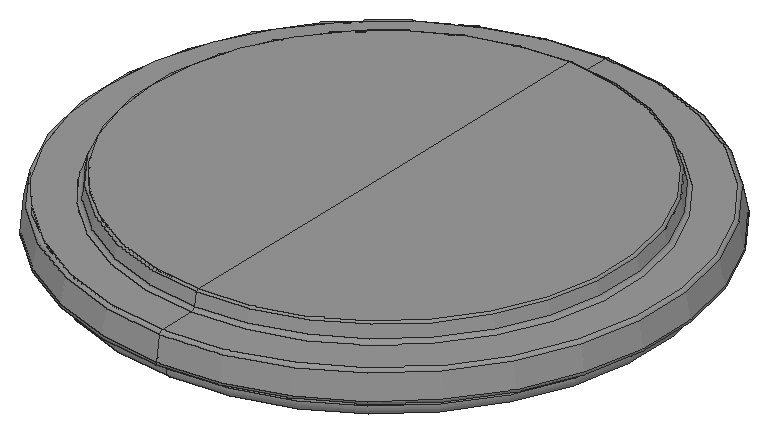
Revit family "FMK13_63_UN_Surface-mounted_ETK", category Lighting Fixtures, Revit 2017 (continued)
Definition of nested family "FMK.1 - Lightsource"
  Types (13, lengths in mm): name | Wattage Comments | Photometric Web File | built-in parameter 1150142 | Apparent Load
      405.3384\t405.5595\t405.017\t403.9123\t402.4111\t400.3595\t397.8451\t394.7084\t391.0909\t387.0552\r\n382.4227\t377.3501\t371.7125\t365.6289\t359.0797\t352.0101\t344.5153\t336.5336\t328.0834\t319.186\r\n310.0492\t300.3991\t290.6808\t280.0535\t269.1382\t257.6606\t245.9715\t234.0356\t221.994\t209.6474\r\n197.1639\t184.5242\t171.8904\t158.2648\t144.4077\t130.6839\t117.093\t103.3426\t89.5213\t76.4321\r\n62.9064\t50.3095\t38.9022\t28.6824\t0\t0\r\n405.3384\t405.5619\t405.0308\t404.1037\t402.4481\t400.3826\t397.8529\t394.7029\t391.0716\t386.9514\r\n382.295\t377.2986\t371.6562\t365.6032\t359.0556\t351.9937\t344.5103\t336.584\t328.1776\t319.3532\r\n310.0974\t300.3356\t290.3174\t279.8488\t269.1115\t258.1537\t246.5385\t234.5863\t222.1937\t209.6472\r\n196.9332\t184.0086\t170.9271\t157.807\t144.7993\t131.1715\t116.9912\t103.0076\t89.4388\t75.7848\r\n62.8691\t50.2334\t38.592\t27.1196\t0\t0\r\n405.3384\t405.5633\t405.0407\t404.1312\t402.6392\t400.4187\t397.881\t394.7292\t391.0895\t386.9644\r\n382.2746\t377.1648\t371.4996\t365.4693\t358.9878\t351.9131\t344.4464\t336.5353\t328.1318\t319.3478\r\n310.1011\t300.4485\t290.394\t279.9618\t269.1603\t257.9107\t246.3524\t234.5985\t222.4284\t210.1088\r\n197.3969\t184.1969\t170.8703\t157.4428\t143.9608\t130.43\t116.9468\t103.5478\t89.3098\t75.5778\r\n62.4619\t50.0702\t38.7502\t24.5387\t1.901\t0\r\n405.3384\t405.5636\t405.0466\t404.1492\t402.6681\t400.5955\t398.0664\t394.9307\t391.1454\t387.0248\r\n382.3139\t377.1828\t371.4901\t365.4554\t358.8567\t351.7264\t344.248\t336.3296\t327.9212\t319.2201\r\n309.9694\t300.3191\t290.2888\t279.8993\t269.135\t258.007\t246.5323\t234.736\t222.5462\t210.0919\r\n197.3723\t184.3271\t171.1345\t157.7225\t144.2137\t130.4595\t116.5463\t102.7293\t88.9906\t75.6756\r\n62.4842\t49.7099\t38.4108\t19.5388\t9.0852\t0\r\n405.3384\t405.5627\t405.0483\t404.1575\t402.6822\t400.6129\t398.0939\t394.9827\t391.3659\t387.2691\r\n382.55\t377.4142\t371.7081\t365.686\t358.9237\t351.7483\t344.2571\t336.3046\t327.8656\t319.0519\r\n309.7319\t300.073\t290.0393\t279.6352\t268.8689\t257.7186\t246.2608\t234.4573\t222.2884\t210.0107\r\n197.2602\t184.3582\t171.2221\t157.8358\t144.2992\t130.7043\t116.8944\t103.0094\t89.1137\t75.4482\r\n62.0725\t49.5077\t38.5681\t16.4085\t6.3848\t0\r\n405.3384\t405.5608\t405.0458\t404.1562\t402.6815\t400.6096\t398.0931\t394.9913\t391.3746\t387.2895\r\n382.5726\t377.4458\t371.7456\t365.7409\t359.116\t351.9176\t344.4382\t336.4672\t328.028\t319.2025\r\n309.8386\t300.1705\t290.1395\t279.7338\t268.942\t257.7639\t246.2815\t234.4244\t222.1929\t209.9028\r\n196.969\t184.0235\t170.8906\t157.4183\t143.9226\t130.2982\t116.5333\t102.7217\t88.9801\t75.3324\r\n62.0708\t49.4881\t37.8886\t16.6443\t6.3206\t4.5649\r\n405.3384\t405.5579\t405.0392\t404.1453\t402.6658\t400.5861\t398.064\t394.9565\t391.3223\t387.2272\r\n382.4989\t377.367\t371.656\t365.6345\t358.8616\t351.6754\t344.1767\t336.2087\t327.7721\t318.9511\r\n309.6246\t299.9461\t289.9153\t279.5013\t268.7141\t257.5244\t246.0492\t234.2476\t222.0584\t209.8057\r\n197.0631\t184.1389\t170.9819\t157.6062\t144.0805\t130.4305\t116.7655\t102.8872\t88.9857\t75.3165\r\n61.9974\t49.5022\t38.5004\t19.5133\t10.1573\t0\r\n405.3384\t405.5537\t405.0285\t404.1246\t402.6354\t400.5421\t398.006\t394.879\t391.057\t386.9398\r\n382.2102\t377.0886\t371.3854\t365.3521\t358.7336\t351.5762\t344.0881\t336.1427\t327.7345\t319.0228\r\n309.7484\t300.0828\t290.0448\t279.6173\t268.8275\t257.6208\t246.1171\t234.3028\t222.0743\t209.66\r\n196.8854\t183.8167\t170.5486\t157.0989\t143.5804\t129.9288\t116.1512\t102.4281\t88.8066\t75.5773\r\n62.493\t49.7093\t38.2595\t25.0307\t14.9589\t0\r\n405.3384\t405.5487\t405.0137\t404.0945\t402.5903\t400.3393\t397.7919\t394.6519\t390.9587\t386.8388\r\n382.1207\t377.0237\t371.3413\t365.3181\t358.8128\t351.6794\t344.2118\t336.2599\t327.8486\t319.0383\r\n309.7477\t300.0564\t289.9668\t279.4805\t268.6528\t257.2839\t245.7289\t233.9178\t221.7092\t209.3665\r\n196.5454\t183.3687\t170.0181\t156.5779\t143.1684\t129.7197\t116.3848\t103.1589\t88.9988\t75.3396\r\n62.3046\t50.0937\t38.8254\t28.0997\t2.873\t0\r\n405.3384\t405.5424\t404.9947\t404.055\t402.3835\t400.2776\t397.7298\t394.604\t390.8997\t386.7863\r\n382.0919\t377.1147\t371.4463\t365.407\t358.8101\t351.6735\t344.1847\t336.2129\t327.7678\t318.9134\r\n309.5687\t299.7567\t289.6031\t279.1338\t268.3599\t257.1899\t245.6509\t233.7994\t221.2737\t208.667\r\n195.8953\t182.9771\t169.8766\t156.7282\t143.8338\t130.2381\t116.1827\t102.4101\t88.9484\t75.4168\r\n62.7296\t50.3091\t39.1414\t29.704\t0\t0\r\n405.3384\t405.5351\t404.9716\t403.8532\t402.3311\t400.2301\t397.6855\t394.5908\t390.8787\t386.8617\r\n382.175\t377.112\t371.4367\t365.3594\t358.743\t351.6058\t344.0956\t336.0642\t327.5154\t318.5932\r\n309.2834\t299.6126\t289.6216\t279.1214\t268.1429\t256.518\t244.9018\t233.0679\t220.8676\t208.4546\r\n195.9224\t183.2678\t170.6349\t156.9081\t143.1149\t129.4264\t115.9638\t102.4748\t88.9243\t76.0325\r\n62.7599\t50.5163\t39.7576\t30.4051\t0\t0\r\n405.3384\t405.5268\t404.9446\t403.805\t402.2873\t400.1964\t397.6585\t394.6138\t390.9631\t386.846\r\n382.1518\t377.0764\t371.382\t365.2552\t358.5991\t351.4668\t343.8615\t335.8105\t327.4306\t318.7174\r\n309.3728\t299.5147\t288.9811\t278.3636\t267.4085\t256.1152\t244.6556\t232.9217\t220.9954\t208.7993\r\n196.6284\t183.2571\t169.7766\t156.2175\t142.8009\t129.5874\t115.8561\t102.4694\t89.5373\t75.801\r\n62.8374\t50.9146\t40.2047\t6.0894\t0\t0\r\n405.3384\t405.5175\t404.9137\t403.7611\t402.2519\t400.1761\t397.6486\t394.7553\t390.9488\t386.789\r\n382.1121\t377.0119\t371.2861\t365.1175\t358.3294\t351.2537\t343.813\t335.977\t327.5604\t318.4278\r\n308.6974\t298.7546\t288.5068\t277.9956\t267.1616\t256.1159\t244.8144\t233.2945\t221.7169\t208.8064\r\n195.7188\t182.5554\t169.3922\t156.2082\t142.9406\t129.1804\t115.9091\t102.9762\t89.1253\t75.8369\r\n63.1021\t51.3207\t40.5082\t0\t0\t0\r\n405.3384\t405.5071\t404.732\t403.7215\t402.2248\t400.1686\t397.7338\t394.8479\t390.8965\t386.7357\r\n382.0539\t376.9054\t371.1484\t364.8842\t358.2241\t351.4508\t343.9783\t335.7216\t326.8896\t317.6788\r\n308.2461\t298.3973\t288.3086\t277.939\t267.2925\t256.4485\t245.5245\t233.6216\t220.7985\t208.0817\r\n195.2276\t182.3754\t169.6036\t156.0708\t142.5048\t129.2499\t116.3261\t102.426\t89.0803\t75.9582\r\n63.4055\t51.6359\t45.2068\t0\t0\t0\r\n405.3384\t405.4958\t404.7008\t403.6862\t402.2055\t400.2642\t397.7241\t394.865\t390.8568\t386.6659\r\n381.976\t376.6726\t370.9429\t364.8366\t358.4087\t351.334\t343.5563\t334.9914\t326.3919\t317.3169\r\n308.0073\t298.2976\t288.3747\t278.1618\t267.7576\t257.0033\t244.8286\t232.6273\t220.2623\t207.8032\r\n195.2499\t182.6548\t169.1292\t155.7437\t142.619\t129.6789\t115.7028\t102.2394\t89.062\t76.0071\r\n63.5996\t51.8486\t11.6838\t0\t0\t0\r\n405.3384\t405.4834\t404.6711\t403.6553\t402.1936\t400.258\t397.6979\t394.8548\t390.809\t386.5801\r\n381.7953\t376.5628\t370.9021\t365.0558\t358.2517\t350.708\t342.8497\t334.6091\t326.0741\t317.1853\r\n307.9783\t298.4528\t288.6922\t278.8691\t267.9516\t256.0449\t244.1901\t232.1682\t220.074\t207.8676\r\n195.4583\t182.0264\t168.8523\t155.8456\t142.9997\t129.0282\t115.4645\t102.3448\t88.8812\t76.0111\r\n63.697\t51.9403\t0\t0\t0\t0\r\n405.3384\t405.4702\t404.6431\t403.6287\t402.2832\t400.2467\t397.6616\t394.8126\t390.7531\t386.4813\r\n381.7031\t376.5033\t371.0899\t364.866\t357.6417\t350.2384\t342.4952\t334.4178\t325.9215\t317.2094\r\n308.1434\t298.8419\t289.3001\t278.281\t266.9656\t255.5234\t243.8676\t232.0908\t220.4035\t207.9609\r\n194.7531\t181.8051\t168.927\t156.2326\t142.3126\t128.7065\t115.4865\t101.9757\t88.7309\t76.0048\r\n63.7421\t56.6766\t0\t0\t0\t0\r\n405.3384\t405.4561\t404.6167\t403.6076\t402.2769\t400.2274\t397.6166\t394.7349\t390.6867\t386.33\r\n381.656\t376.7279\t370.9169\t364.2502\t357.2389\t349.8681\t342.264\t334.3087\t325.9477\t317.3662\r\n308.4811\t299.3487\t288.5326\t277.6229\t266.5022\t255.2499\t243.8518\t232.5118\t220.0293\t207.2658\r\n194.5118\t181.8749\t169.3599\t155.551\t141.9034\t128.5853\t115.2093\t101.7082\t88.6305\t75.9892\r\n63.7506\t34.8823\t0\t0\t0\t0\r\n405.3384\t405.441\t404.5919\t403.5925\t402.2647\t400.2005\t397.5636\t394.6195\t390.511\t386.2918\r\n381.8682\t376.6329\t370.3868\t363.8318\t356.9304\t349.652\t342.1589\t334.2951\t326.1382\t317.7058\r\n308.9338\t298.5236\t287.9506\t277.1892\t266.2979\t255.2333\t244.3108\t232.0843\t219.5682\t206.9936\r\n194.5653\t182.2533\t168.7385\t155.1122\t141.7148\t128.5532\t114.8199\t101.4796\t88.5326\t75.9589\r\n63.7436\t0\t0\t0\t0\t0\r\n405.3384\t405.4251\t404.5685\t403.5817\t402.2465\t400.1668\t397.508\t394.4112\t390.4413\t386.2913\r\n381.8067\t376.4311\t370.0062\t363.505\t356.7156\t349.5603\t342.1638\t334.4401\t326.4674\t318.1326\r\n308.1103\t297.9214\t287.5762\t277.012\t266.3002\t255.6656\t243.832\t231.5923\t219.2864\t207.014\r\n194.9442\t181.7689\t168.1866\t154.8828\t141.8181\t128.0517\t114.4929\t101.2468\t88.4031\t75.8633\r\n69.485\t0\t0\t0\t0\t0\r\n405.3384\t405.2485\t404.5335\t403.6645\t402.2224\t400.1255\t397.475\t394.1709\t390.3989\t386.5385\r\n381.6223\t375.8443\t369.6864\t363.2614\t356.5777\t349.5494\t342.2587\t334.7322\t326.9154\t317.3685\r\n307.5367\t297.5489\t287.3558\t277.0195\t266.7127\t255.5088\t243.294\t231.2722\t219.2355\t207.2358\r\n194.7953\t181.1626\t167.9131\t154.7557\t141.4371\t127.7042\t114.2298\t101.0851\t88.2593\t75.7374\r\n52.566\t0\t0\t0\t0\t0\r\n405.3384\t405.2313\t404.5149\t403.6585\t402.1924\t400.0874\t397.4062\t394.0524\t390.3827\t386.4783\r\n381.347\t375.4965\t369.4174\t363.101\t356.5087\t349.625\t342.4702\t335.2626\t326.2434\t316.8153\r\n307.1624\t297.3178\t287.3215\t277.1874\t266.6991\t254.7569\t242.9726\t231.1253\t219.3601\t207.4539\r\n194.0571\t180.8106\t167.6988\t154.8237\t140.9526\t127.3463\t114.024\t100.9381\t88.1442\t75.6199\r\n8.3292\t0\t0\t0\t0\t0\r\n405.3384\t405.2143\t404.4979\t403.65\t402.1564\t400.0372\t397.3255\t393.9625\t390.6129\t386.3063\r\n380.8286\t375.1745\t369.2361\t363.0129\t356.5201\t349.7807\t343.0483\t335.0507\t325.7043\t316.3858\r\n306.914\t297.2339\t287.4377\t277.4576\t265.9553\t254.3844\t242.7811\t231.1938\t219.6917\t206.6946\r\n193.5598\t180.5774\t167.6861\t154.2617\t140.5223\t127.0588\t113.7914\t100.7972\t88.0366\t83.4326\r\n0\t0\t0\t0\t0\t0\r\n405.3384\t405.1978\t404.4825\t403.6384\t402.0911\t399.9817\t397.1408\t393.8852\t390.547\t386.0015\r\n380.5505\t374.9336\t369.1354\t362.9788\t356.6063\t350.0031\t343.0514\t334.2028\t325.2569\t316.0815\r\n306.771\t297.3248\t287.8218\t276.8308\t265.4808\t254.1562\t242.7619\t231.3645\t219.1669\t206.151\r\n193.2513\t180.4127\t167.6455\t153.7701\t140.1673\t126.7721\t113.5971\t100.6559\t87.9035\t73.2104\r\n0\t0\t0\t0\t0\t0\r\n405.3384\t405.1816\t404.4685\t403.6236\t402.0462\t399.9218\t397.0406\t393.8449\t390.4197\t385.4588\r\n380.303\t374.7523\t369.0481\t362.9941\t356.7556\t350.4899\t342.3766\t333.7323\t324.91\t315.93\r\n306.7423\t297.7012\t287.638\t276.3403\t265.2041\t254.0066\t242.8588\t231.5472\t218.5675\t205.791\r\n193.0312\t180.5339\t166.992\t153.2951\t139.8329\t126.5198\t113.4096\t100.488\t87.7644\t50.183\r\n0\t0\t0\t0\t0\t0\r\n405.3384\t405.1658\t404.4556\t403.605\t402.0047\t399.8587\t396.9678\t394.0484\t390.2485\t385.1764\r\n380.0833\t374.6292\t368.9744\t363.0772\t356.9562\t350.3807\t341.8775\t333.354\t324.6587\t315.8276\r\n306.8408\t297.6991\t286.865\t275.9921\t265.0466\t254.0282\t243.181\t230.8144\t218.1129\t205.4704\r\n192.95\t180.3241\t166.4787\t152.9016\t139.4897\t126.2465\t113.2069\t100.3244\t87.5932\t7.0091\r\n0\t0\t0\t0\t0\t0\r\n405.3384\t405.1736\t404.4436\t403.5723\t401.9608\t399.8075\t396.909\t394.0477\t390.0041\t384.9479\r\n379.8834\t374.551\t368.9703\t363.21\t357.4063\t349.6805\t341.4574\t333.0643\t324.521\t315.8139\r\n307.234\t297.0694\t286.4243\t275.712\t264.9568\t254.1683\t243.0001\t230.2308\t217.7563\t205.2779\r\n193.0318\t179.6139\t166.0256\t152.5274\t139.1851\t126.0071\t112.9942\t100.1243\t93.9816\t0\r\n0\t0\t0\t0\t0\t0\r\n405.3384\t405.1582\t404.4323\t403.5458\t401.9186\t399.7372\t396.864\t393.9692\t389.4676\t384.7303\r\n379.7002\t374.4837\t369.0179\t363.3474\t357.309\t349.2254\t341.1152\t332.8524\t324.4403\t315.899\r\n307.1158\t296.6023\t286.0655\t275.5201\t264.9227\t254.484\t242.2719\t229.8418\t217.4461\t205.1551\r\n192.8003\t179.0668\t165.548\t152.1467\t138.9029\t125.7703\t112.7705\t99.923\t81.4643\t0\r\n0\t0\t0\t0\t0\t0\r\n405.3384\t405.1427\t404.4215\t403.5172\t401.8789\t399.5738\t396.8307\t393.84\t389.2108\t384.5347\r\n379.5711\t374.4387\t369.0911\t363.8155\t356.9853\t348.8325\t340.836\t332.7132\t324.4347\t316.2659\r\n306.469\t296.1791\t285.8331\t275.4029\t264.9879\t254.1807\t241.7605\t229.4924\t217.282\t205.2627\r\n192.1131\t178.5645\t165.1154\t151.7836\t138.585\t125.5095\t112.5563\t99.7128\t60.9146\t0\r\n0\t0\t0\t0\t0\t0\r\n405.3384\t405.1268\t404.411\t403.4869\t401.8689\t399.5039\t396.8145\t393.6447\t388.9954\t384.3538\r\n379.4857\t374.4179\t369.1782\t363.8193\t356.2567\t348.5043\t340.6114\t332.606\t324.4985\t316.1813\r\n306.0112\t295.8319\t285.6355\t275.3934\t265.2495\t253.4097\t241.2878\t229.2124\t217.1097\t205.0994\r\n191.5675\t178.0818\t164.7012\t151.456\t138.2911\t125.2321\t112.3059\t99.4762\t16.2983\t0\r\n0\t0\t0\t0\t0\t0\r\n405.3384\t405.1108\t404.4903\t403.4555\t401.8237\t399.4103\t397.0305\t393.4442\t388.8336\t384.1754\r\n379.4075\t374.43\t369.2737\t363.6191\t355.8892\t348.234\t340.4491\t332.5491\t324.8276\t315.8567\r\n305.6102\t295.5819\t285.4934\t275.413\t265.0581\t252.9031\t240.9149\t228.9525\t217.0191\t204.6975\r\n191.0128\t177.6397\t164.3329\t151.1167\t137.9969\t124.9687\t112.062\t107.5917\t0.7007\t0\r\n0\t0\t0\t0\t0\t0\r\n405.3384\t405.0944\t404.4708\t403.4232\t401.771\t399.3535\t397.0169\t393.0022\t388.6496\t384.0408\r\n379.3374\t374.4627\t369.6852\t362.9627\t355.5698\t348.0061\t340.3388\t332.5584\t324.7942\t315.1398\r\n305.2951\t295.3698\t285.4247\t275.6825\t264.3367\t252.5037\t240.6145\t228.7679\t217.1002\t203.9238\r\n190.5367\t177.2097\t163.9532\t150.792\t137.717\t124.7302\t111.8063\t98.8725\t0\t0\r\n0\t0\t0\t0\t0\t0\r\n405.3384\t405.0776\t404.4545\t403.3908\t401.7101\t399.3099\t396.9567\t392.7976\t388.4495\t383.9609\r\n379.2847\t374.4998\t369.6843\t362.5741\t355.27\t347.8284\t340.249\t332.6102\t324.5858\t314.7295\r\n304.9935\t295.2193\t285.3785\t275.5735\t263.8563\t252.1042\t240.3755\t228.643\t216.8475\t203.3823\r\n190.0477\t176.7881\t163.6007\t150.4803\t137.4402\t124.4543\t111.5517\t85.0694\t0\t0\r\n0\t0\t0\t0\t0\t0\r\n405.3384\t405.0604\t404.4375\t403.3708\t401.6143\t399.2784\t396.8678\t392.6205\t388.286\t383.8712\r\n379.2482\t374.5384\t369.5416\t362.2694\t354.9882\t347.6747\t340.2311\t332.9204\t323.9709\t314.3815\r\n304.7666\t295.0886\t285.3921\t275.2484\t263.399\t251.7743\t240.1515\t228.5226\t216.4169\t202.8894\r\n189.6152\t176.4056\t163.2526\t150.1706\t137.1488\t124.1833\t111.2847\t67.3012\t0\t0\r\n0\t0\t0\t0\t0\t0\r\n405.3384\t405.0427\t404.4198\t403.3318\t401.5423\t399.2809\t396.7363\t392.489\t388.1443\t383.7593\r\n379.2585\t374.6007\t369.2833\t361.9708\t354.796\t347.5124\t340.2151\t332.8981\t323.5654\t314.0775\r\n304.5571\t295.0196\t285.6448\t274.5513\t263.0117\t251.4537\t239.942\t228.6113\t215.6596\t202.3901\r\n189.1856\t176.0419\t162.932\t149.883\t136.8857\t123.9284\t122.8764\t24.0819\t0\t0\r\n0\t0\t0\t0\t0\t0\r\n405.3384\t405.0244\t404.402\t403.293\t401.4733\t399.2445\t396.6121\t392.3366\t388.0271\t383.6686\r\n379.2507\t374.9702\t368.6448\t361.6732\t354.6081\t347.4237\t340.1562\t332.7313\t323.2268\t313.8119\r\n304.3844\t294.9379\t285.5233\t274.1363\t262.6612\t251.2131\t239.7592\t228.325\t215.0958\t201.9145\r\n188.7725\t175.6617\t162.5822\t149.5668\t136.5956\t123.6688\t120.5677\t9.957\t0\t0\r\n0\t0\t0\t0\t0\t0\r\n405.3384\t405.0054\t404.384\t403.2512\t401.3208\t399.1951\t396.4819\t392.1762\t387.9514\t383.5908\r\n379.2078\t374.9606\t368.3521\t361.3828\t354.4067\t347.3472\t340.1951\t332.3855\t322.9143\t313.5971\r\n304.2281\t294.8631\t285.2223\t273.7182\t262.3605\t251.0007\t239.6319\t227.9627\t214.5968\t201.4525\r\n188.3381\t175.2686\t162.2411\t149.2486\t136.2977\t123.3792\t114.9625\t0\t0\t0\r\n0\t0\t0\t0\t0\t0\r\n405.3384\t404.9858\t404.3663\t403.2062\t401.2807\t399.3352\t396.3671\t391.9995\t387.8556\t383.5414\r\n379.1954\t374.8369\t368.0781\t361.1669\t354.2081\t347.2392\t340.4601\t331.7946\t322.572\t313.375\r\n304.1344\t294.8515\t284.8364\t273.3137\t262.0496\t250.7828\t239.7394\t227.2719\t214.143\t201.0284\r\n187.957\t174.9188\t161.9031\t148.9358\t135.9942\t123.0935\t106.9167\t0\t0\t0\r\n0\t0\t0\t0\t0\t0\r\n405.3384\t404.9657\t404.3491\t403.137\t401.2259\t399.2718\t396.1988\t391.8626\t387.7249\t383.5318\r\n379.2046\t374.674\t367.8035\t360.9786\t354.0767\t347.1349\t340.3019\t331.4341\t322.3187\t313.1475\r\n303.9869\t295.0203\t284.1943\t272.9865\t261.7665\t250.5691\t239.5527\t226.7795\t213.6915\t200.6354\r\n187.5885\t174.5759\t161.5912\t148.6211\t135.6938\t122.7886\t97.1013\t0\t0\t0\r\n0\t0\t0\t0\t0\t0\r\n405.3384\t404.9447\t404.3643\t403.0908\t401.1696\t399.2115\t395.7381\t391.7602\t387.6137\t383.4745\r\n379.2433\t374.4878\t367.536\t360.7869\t353.9653\t347.0886\t340.1271\t331.0609\t322.0462\t312.9846\r\n303.8666\t294.8288\t283.7883\t272.6681\t261.5277\t250.3816\t239.2929\t226.2978\t213.2501\t200.2267\r\n187.218\t174.2303\t161.2676\t148.3254\t135.4154\t122.514\t86.1249\t0\t0\t0\r\n0\t0\t0\t0\t0\t0\r\n405.3384\t404.9229\t404.3466\t403.048\t401.1114\t399.1739\t395.5625\t391.6161\t387.5292\t383.3775\r\n379.2387\t374.3121\t367.2962\t360.5925\t353.8461\t347.0574\t339.9336\t330.7756\t321.7646\t312.7595\r\n303.7724\t294.6075\t283.4083\t272.337\t261.2567\t250.1906\t238.9891\t225.8589\t212.8415\t199.8294\r\n186.8583\t173.8966\t160.9568\t148.0252\t135.1175\t122.2164\t74.5102\t0\t0\t0\r\n0\t0\t0\t0\t0\t0\r\n405.3384\t404.9005\t404.3255\t403.009\t401.0339\t399.1156\t395.4146\t391.4309\t387.4243\t383.3208\r\n379.4976\t373.7544\t367.1078\t360.4023\t353.7011\t347.0017\t339.7099\t330.5052\t321.5623\t312.5965\r\n303.6305\t294.2656\t283.057\t272.0629\t261.0319\t250.0033\t238.6069\t225.4043\t212.4214\t199.4582\r\n186.5098\t173.5796\t160.6474\t147.7264\t134.8117\t134.8645\t35.7949\t0\t0\t0\r\n0\t0\t0\t0\t0\t0\r\n405.3384\t404.8772\t404.301\t402.9743\t400.978\t399.0523\t395.3086\t391.2952\t387.2858\t383.248\r\n379.4366\t373.4825\t366.884\t360.2677\t353.5976\t347.1681\t339.3917\t330.259\t321.3543\t312.4464\r\n303.5241\t293.9556\t2
